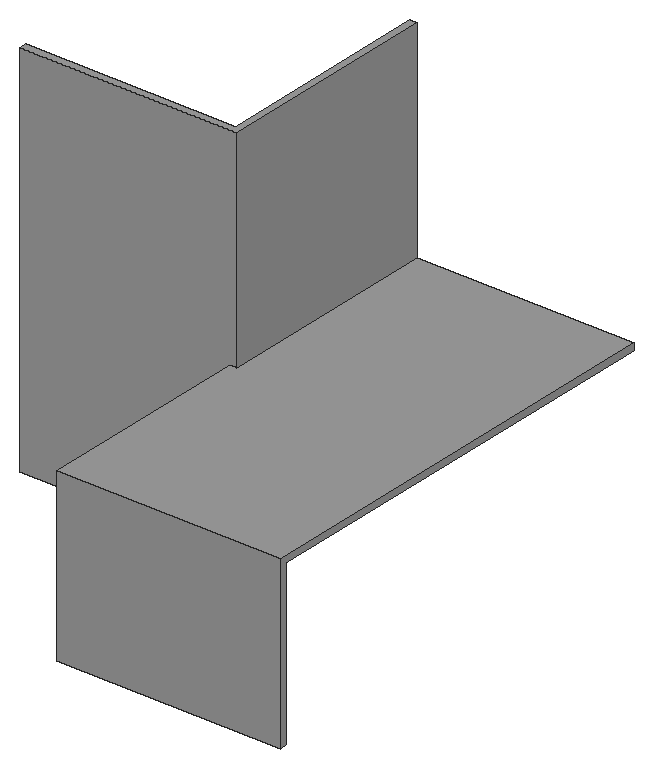
Revit family "Flashing_Preformed_Hyload_Type-WL2", category Generic Models, Revit 2013
Parameters (values of type "As Specified")
  Upper Height = 0' - 4"
  Unit Width = 1' - 0"
  Unit Height = 0' - 2"
  Unit Depth = 0' - 4"
  URL = "http://www.hyload.com/"
  Thickness = 0' - 0 1/16"
  Specification = "http://www.arcat.com/sdspecs/htm04/07_65_00hyl.htm"
  Sales Information = "http://www.hyload.com/contact-us"
  Revision = "R1_12-2015"
  Product Properties = "http://www.hyload.com/masonry-flashing/preformed-shapes/"
  Product Data = "http://www.arcat.com/arcatcos/cos33/arc33176.html"
  Model = "Type WL2"
  Manufacturer Website = "http://www.hyload.com/"
  Manufacturer Phone - Toll Free = "800-457-4056"
  Manufacturer Phone = "330-769-3546"
  Manufacturer Fax = "330-769-4153"
  Manufacturer Address = "5020 Panther Pkwy., Seville, OH 44273"
  Manufacturer = "Hyload"
  Lower Height = 0' - 1 1/2"
  Keynote = "07 65 00"
  Flashing Material = Hyload Flashing Membrane - Grey
  Drawn By = "Robert S. Weygant / Sumex Design"
  Description = "Preformed Hyload Masonry Flashing - Type WL2"
  Copyright = "(c) ARCAT, Inc, 2015"
  Construction Details = "http://www.arcat.com/details/hyload/hyload.html?coid=33176"
  Assembly Code = "B3010400"
Reference planes (in)
  plane 1 "Center (Front/Back)": y = 0
  plane 2: z = 0
  plane 3 "Center (Left/Right)": x = 0
  plane 4 "Back": y = 2
  plane 5: x = 2
  plane 6 "WinPlane": z = -1.5
  plane 7: x = 22
  plane 8 "Front": y = -2
  plane 9: z = 2
  plane 10: x = -2
Forms (in)
  Extrusion 1, solid, material "Hyload Flashing Membrane - Grey" <- "Flashing Material"
    sketch origin (0, 0, 0) x (1, 0, 0) y (0, 0, 1)
      loop
        line (0, 0) -> (2, 0) -> (2, 0.0625) -> (-0.0625, 0.0625) -> (-0.0625, -1.5) -> (0, -1.5) -> (0, 0)
    from 0 to 2
  Extrusion 2, solid, material "Hyload Flashing Membrane - Grey" <- "Flashing Material"
    sketch origin (0, 2, 0) x (-1, 0, 0) y (0, 0, 1)
      loop
        line (0, 0.0625) -> (-2, 0.0625) -> (-2, 0) -> (0.0625, 0) -> (0.0625, 2) -> (0, 2) -> (0, 0.0625)
    from -2 to 0
  Extrusion 3, solid, material "Hyload Flashing Membrane - Grey" <- "Flashing Material"
    sketch origin (0, 0, 0) x (1, 0, 0) y (0, 0, 1)
      loop
        line (-2, 2) -> (-2, -1.5) -> (0, -1.5) -> (0, 2) -> (-2, 2)
    from 0 to 0.0625 <- "Thickness"
  Extrusion 4, solid, material "Hyload Flashing Membrane - Grey" <- "Flashing Material"
    sketch origin (0, -2, 0) x (-1, 0, 0) y (0, 0, 1)
      loop
        line (0.0625, 0.0625) -> (-2, 0.0625) -> (-2, -1.5) -> (0.0625, -1.5) -> (0.0625, 0.0625)
    from -0.0625 to 0
Cuts and joins
  joined: Extrusion 1, Extrusion 2, Extrusion 3, Extrusion 4
Dimensions and locks (in)
  "Unit Depth": plane 4 "Back" to plane 8 "Front"
  locked: plane 8 "Front" to plane 1 "Center (Front/Back)" at 2
  plane 10 to plane 3 "Center (Left/Right)" = 0' - 2"
  locked: plane 3 "Center (Left/Right)" to plane 5 at 2
  "Lower Height": level to plane 6 "WinPlane"
  "Unit Height": plane 9 to level
  "Thickness": plane 3 "Center (Left/Right)" to Extrusion 1 sketch curve
  "Thickness": Extrusion 1 sketch curve to level
  "Thickness": Extrusion 2 sketch curve to level
  "Thickness": plane 3 "Center (Left/Right)" to Extrusion 2 sketch curve
  "Thickness": plane 8 "Front" to Extrusion 4
  aligned and locked: plane 2 to level
  aligned and locked: level to Extrusion 1 sketch curve
  aligned and locked: Extrusion 1 sketch curve to plane 3 "Center (Left/Right)"
  aligned and locked: Extrusion 1 sketch curve to plane 5
  aligned and locked: plane 6 "WinPlane" to Extrusion 1 sketch curve
  aligned and locked: Extrusion 1 to plane 8 "Front"
  aligned and locked: Extrusion 1 to plane 1 "Center (Front/Back)"
  aligned and locked: plane 1 "Center (Front/Back)" to Extrusion 2
  aligned and locked: plane 4 "Back" to Extrusion 2
  aligned and locked: Extrusion 2 sketch curve to plane 9
  aligned and locked: Extrusion 2 sketch curve to plane 5
  aligned and locked: level to Extrusion 2 sketch curve
  aligned and locked: plane 3 "Center (Left/Right)" to Extrusion 2 sketch curve
  aligned and locked: Extrusion 3 sketch curve to plane 9
  aligned and locked: plane 10 to Extrusion 3 sketch curve
  aligned and locked: Extrusion 3 sketch curve to Extrusion 1  (x2)
  aligned and locked: Extrusion 3 to plane 1 "Center (Front/Back)"
  aligned and locked: Extrusion 4 sketch curve to cut or joined group of Extrusion 1, Extrusion 2, Extrusion 3, Extrusion 4  (x2)
  aligned and locked: plane 6 "WinPlane" to Extrusion 4 sketch curve
  aligned and locked: Extrusion 4 sketch curve to plane 5
  aligned and locked: plane 8 "Front" to Extrusion 4
